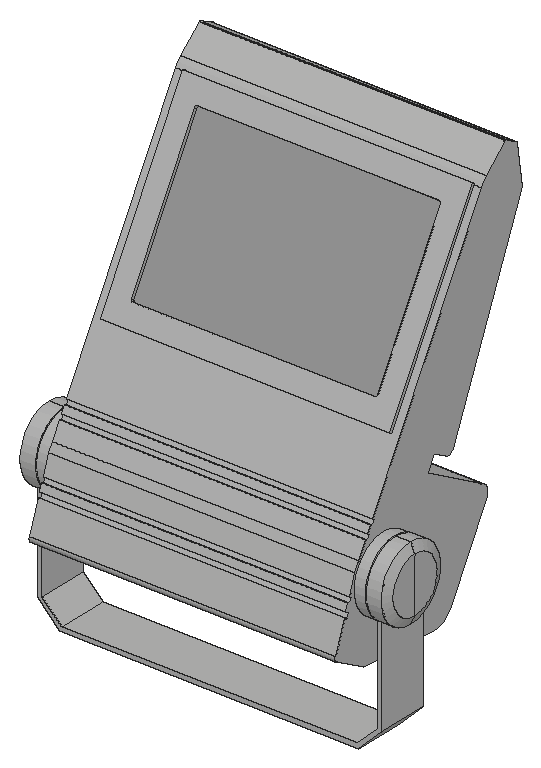
Revit family "0048016 Sylvania Lighting Fixture SYLVEO RGBW IP66", category Lighting Fixtures, host Face, Revit 2016
Family settings
  Host = Face
  Part Type = Normal
  Round Connector Dimension = Use Diameter
  OmniClass Number = 23.80.70.00
  OmniClass Title = Lighting
  Cut with Voids When Loaded = No
  Light Source = No
  Shared = No
  Room Calculation Point = No
Parameters (values of type "0048016 SYLVEO RGBW IP66 50W ASYM SIL")
  WidthCylinder_SYL = if([30/50W_SYL], 13.4 mm, if([100W_SYL], 13.4 mm, 15 mm))  # 13.4 mm
  WidthBracketIn_SYL = if([30/50W_SYL], 224 mm, if([100W_SYL], 273 mm, 490 mm))  # 224 mm
  Weight = "16.0 kg"
  Wattage Comments = ""
  WarrantyStartDate [instance] = "n/a"
  WarrantyGuarantorParts = "n/a"
  WarrantyDurationUnit = "n/a"
  WarrantyDurationParts = "n/a"
  WarrantyDescription = "n/a"
  Voltage = 0 V
  URL = "http://www.sylvania-lighting.com"
  TypeName = "Sylveo RGBW IP66 50W ASYM SIL"
  Type Image = <None>
  Type Comments = "n/a"
  ThicknessBracket_SYL = if([30/50W_SYL], 2.7 mm, if([100W_SYL], 3.2 mm, 3.8 mm))  # 2.7 mm
  SerialNumber [instance] = "n/a"
  RotationAngle_SYL [instance] = 30.00°
  DiameterCylinder_SYL = if([30/50W_SYL], 49 mm, if([100W_SYL], 52 mm, 62.7 mm))  # 49 mm
  ChamferBracket_SYL = if([30/50W_SYL], 15 mm, if([100W_SYL], 18 mm, 22 mm))  # 15 mm
  PowerFactor = 0
  PowerConsumption = "n/a"
  NominalLength = 0 mm
  NominalHeight = 0 mm
  NominalDepth = 0 mm
  Name = "Sylveo RGBW IP66 50W ASYM SIL"
  ModelReference = Name  # "Sylveo RGBW IP66 50W ASYM SIL"
  ModelNumber = "0048016"
  Model = Name  # "Sylveo RGBW IP66 50W ASYM SIL"
  Material = "n/a"
  ManufacturerName = "Feilo Sylvania"
  Manufacturer = "Feilo Sylvania"
  LuminousEfficacy = "50.169 lm/W"
  LuminaireType = ""
  LightOutputRatio = "n/a"
  LampsType = Lamp  # "LED"
  LampNominalLuminous = "n/a"
  LampMacAdamStep = "n/a"
  LampColourTemperature = "n/a"
  LampColourRenderingIndex = "n/a"
  Lamp = "LED"
  Keynote = "16500"
  InstallationDate [instance] = "n/a"
  InputVoltage = "100-240V~"
  InputNominalFrequency = "50/60 Hz"
  IngressProtection = "IP66"
  ImpactProtectionIndex = "IK08"
  IfcExportType = "IfcLightFixtureType"
  IfcExportAs = "IfcLightFixtureType"
  AxisHeightBracket_SYL = if([30/50W_SYL], 98.6 mm, if([100W_SYL], 90 mm, 110 mm))  # 98.6 mm
  ExpectedLife = 50000
  EndAngle_SYL [instance] = RotationAngle_SYL + 180.00°  # 210.00°
  ElectricShockClassification = "Class I"
  DurationUnit = "hours"
  DocumentationLiterature = "http://www.sylvania-lighting.com/product/en-int/products/0048016"
  DimmingControlOptions = "n/a"
  Description = ""
  DepthBracket_SYL = if([30/50W_SYL], 34 mm, if([100W_SYL], 37.1 mm, 48 mm))  # 34 mm
  Default Elevation = 1219.2 mm
  CreatedOn = "12/21/2018"
  CreatedBy = "@sylvania-lighting.com"
  Cost = 0
  built-in parameter 1114216 [instance] = (empty or 0)
  ClassificationValue = "EF_70_80"
  ClassificationName = "Uniclass2015"
  Material_1_SYL = Body-Sylvania-Sylveo-RAL9006
  BarCode [instance] = "n/a"
  AssetType = "Fixed"
  AssetIdentifier [instance] = "n/a"
  Assembly Code = "D5020200"
  Apparent Load = 49.6 VA
  100W_SYL = no
  30/50W_SYL = yes
Reference planes
  plane 1 "Center (Front/Back)": y = 0
  plane 2: z = 0
  plane 3 "Center (Left/Right)": x = 0
  plane 4: x = -114.7
  plane 5: x = 114.7
  plane 6: z = 98.6
  plane 7: x = -112
  plane 8: x = 112
  plane 9: z = 2.7
  plane 10: y = 17
  plane 11: y = -17
  plane 12: x = -99.7
  plane 13: z = 15
  plane 14: x = 99.7
  plane 15: x = -110
  plane 16: x = 110
  plane 17: x = -123.4
  plane 18: x = 123.4
  plane 19: z = 123.1
  plane 20: z = 74.1
  plane 21: x = -120.4
  plane 22: z = 80.1
  plane 23: z = 117.1
  plane 24: x = 120.4
Forms (mm)
  Revolve 1, solid, not visible
    sketch origin (0, 0, 0) x (1, 0, 0) y (0, 0, 1)
      loop
        line (0, 98.6) -> (0, 115.6) -> (-12.336, 115.6) -> (-12.336, 98.6) -> (0, 98.6)
      axis (0, 98.6) -> (-12.336, 98.6)
    angle from 30 <- "RotationAngle_SYL" to 210 <- "EndAngle_SYL"
  Extrusion 2, solid, material "Body-Sylvania-Sylveo-RAL9006" <- "Material_1_SYL"
    sketch origin (0, 0, 0) x (1, 0, 0) y (0, 0, 1)
      loop
        line (-114.7, 98.6) -> (-114.7, 15) -> (-99.7, 0) -> (99.7, 0) -> (114.7, 15) -> (114.7, 98.6) -> (112, 98.6) -> (112, 16.118) -> (98.582, 2.7) -> (-98.582, 2.7) -> (-112, 16.118) -> (-112, 98.6) -> (-114.7, 98.6)
    from -17 to 17
  Revolve 3, solid, material "Body-Sylvania-Sylveo-RAL9006" <- "Material_1_SYL"
    sketch origin (0, 0, 0) x (1, 0, 0) y (0, 0, 1)
      loop
        line (-123.4, 98.6) -> (-110, 98.6) -> (-110, 123.1) -> (-120.4, 123.1) -> (-123.4, 117.1) -> (-123.4, 98.6)
      loop
        line (123.4, 98.6) -> (123.4, 117.1) -> (120.4, 123.1) -> (110, 123.1) -> (110, 98.6) -> (123.4, 98.6)
      axis (123.4, 98.6) -> (-123.4, 98.6)
    angle from 360 to 0
Lines and regions (mm)
  reference lines
    curve 1: line (-99.7, 0, 0) -> (-114.7, 0, 15)
    curve 2: line (-112, 0, 16.118) -> (-98.582, 0, 2.7)
    curve 3: line (114.7, 0, 15) -> (99.7, 0, 0)
    curve 4: line (98.582, 0, 2.7) -> (112, 0, 16.118)
Dimensions and locks
  equal spacing: plane 8, plane 3 "Center (Left/Right)", plane 7
  "WidthBracketIn_SYL": plane 8 to plane 7
  "ThicknessBracket_SYL": plane 7 to plane 4
  "ThicknessBracket_SYL": plane 5 to plane 8
  "ThicknessBracket_SYL": plane 9 to plane 2
  equal spacing: plane 11, plane 1 "Center (Front/Back)", plane 10
  "DepthBracket_SYL": plane 11 to plane 10
  "AxisHeightBracket_SYL": plane 6 to plane 2
  "ChamferBracket_SYL": plane 13 to plane 2
  equal spacing: plane 14, plane 3 "Center (Left/Right)", plane 12
  "ChamferBracket_SYL": plane 12 to plane 4
  "ThicknessBracket_SYL": curve 2 to curve 1
  "ThicknessBracket_SYL": curve 4 to curve 3
  equal spacing: plane 16, plane 3 "Center (Left/Right)", plane 15
  locked: plane 15 to plane 7 at 2
  equal spacing: plane 18, plane 3 "Center (Left/Right)", plane 17
  "WidthCylinder_SYL": plane 15 to plane 17
  equal spacing: plane 19, plane 6, plane 20
  "DiameterCylinder_SYL": plane 19 to plane 20
  equal spacing: plane 23, plane 6, plane 22
  locked: plane 22 to plane 20 at 6
  equal spacing: plane 24, plane 3 "Center (Left/Right)", plane 21
  locked: plane 21 to plane 17 at 3
  aligned and locked: plane 2 to host face
  aligned and locked: level to host face
  aligned and locked: Revolve 1 sketch curve to plane 6  (x2)
  aligned and locked: Revolve 1 sketch curve to plane 3 "Center (Left/Right)"
  aligned and locked: plane 13 to curve 1
  aligned and locked: plane 4 to curve 1
  aligned and locked: plane 2 to curve 1
  aligned and locked: plane 7 to curve 2
  aligned and locked: plane 9 to curve 2
  aligned and locked: plane 5 to curve 3
  aligned and locked: plane 13 to curve 3
  aligned and locked: plane 14 to curve 3
  aligned and locked: plane 2 to curve 3
  aligned and locked: plane 8 to curve 4
  aligned and locked: plane 9 to curve 4
  aligned and locked: plane 4 to Extrusion 2 sketch curve
  aligned and locked: Extrusion 2 sketch curve to plane 7
  aligned and locked: plane 6 to Extrusion 2 sketch curve  (x2)
  aligned and locked: plane 13 to Extrusion 2 sketch curve
  aligned and locked: plane 9 to Extrusion 2 sketch curve
  aligned and locked: plane 2 to Extrusion 2 sketch curve
  aligned and locked: plane 12 to Extrusion 2 sketch curve
  aligned and locked: Extrusion 2 sketch curve to curve 1
  aligned and locked: Extrusion 2 sketch curve to curve 3
  aligned and locked: plane 5 to Extrusion 2 sketch curve
  aligned and locked: plane 14 to Extrusion 2 sketch curve
  aligned and locked: Extrusion 2 sketch curve to plane 5
  aligned and locked: plane 8 to Extrusion 2 sketch curve
  aligned and locked: Extrusion 2 to plane 10
  aligned and locked: plane 11 to Extrusion 2
  aligned and locked: Revolve 3 sketch curve to plane 6  (x2)
  aligned and locked: plane 17 to Revolve 3 sketch curve  (x2)
  aligned and locked: plane 19 to Revolve 3 sketch curve  (x2)
  aligned and locked: Revolve 3 sketch curve to plane 15
  aligned and locked: plane 23 to Revolve 3 sketch curve  (x2)
  aligned and locked: plane 21 to Revolve 3 sketch curve
  aligned and locked: Revolve 3 sketch curve to plane 16
  aligned and locked: plane 18 to Revolve 3 sketch curve
  aligned and locked: plane 24 to Revolve 3 sketch curve
  aligned and locked: plane 6 to Revolve 3 sketch curve  (x2)
Automatic sketch dimensions
  host sketch curve to host sketch curve = 2438.4 mm  (x2)
  Revolve 1 sketch curve to plane 3 "Center (Left/Right)" = 12.336 mm
  Revolve 1 sketch curve to plane 4 = 1122.5 mm
  plane 5 to Revolve 1 sketch curve = 1130.9 mm
  Revolve 1 sketch curve to Revolve 1 sketch curve = 17 mm
  curve 1 to plane 12 = 0 mm
  plane 12 to Extrusion 2 sketch curve = 1.118 mm
  Extrusion 2 sketch curve to plane 14 = 1.118 mm
  Extrusion 2 sketch curve to plane 13 = 1.118 mm  (x2)
  Revolve 3 sketch curve to Revolve 3 sketch curve = 957 mm
  plane 18 to Revolve 3 sketch curve = 965.4 mm
Nested families
  nested 1: "0048016 Head" at (0, 0, 98.6) x (1, 0, 0) z (0, -0.866, 0.5), type "Type Name"
    with built-in parameter 1114216 (empty or 0)
Connectors
  electrical at (0, 0, 0), driven by "Apparent Load", driven by "PowerFactor", driven by "Voltage"
    settings: index 1, voltage 0 V, apparent load 49.6 VA, apparent load phase1 0 VA, apparent load phase2 0 VA, apparent load phase3 0 VA, power factor 0, load classification "Lighting", number of poles 1, system type 30, power factor state 1, is connector primary yes, connector utility no, sub classification motor no, connector description ""
Definition of nested family "0048016 Head"
  Parameters (values of type "Type Name")
    Wattage Comments = "n/a"
    Wattage = 49.6 W
    built-in parameter 1150110 = 1 (stored number, unit not read)
    URL = "http://www.sylvania-lighting.com"
    Type Image = (empty or 0)
    Type Comments = "n/a"
    built-in parameter 1114217 = 1 (stored number, unit not read)
    Tilt Angle = -90.00°
    built-in parameter 1150109 = 1 (stored number, unit not read)
    built-in parameter 1150134 = 12
    built-in parameter 1150113 = 1 (stored number, unit not read)
    Photometric Web File = "0048016.ies"
    Material_3_SYL = none
    Model = ""
    Manufacturer = "Feilo Sylvania"
    built-in parameter 1150105 = 1658.5 (stored number, unit not read)
    Lumens = 2488.43 lm
    built-in parameter 1150115 = 1 (stored number, unit not read)
    built-in parameter 1150137 = (empty or 0)
    built-in parameter 1150139 = (empty or 0)
    built-in parameter 1150112 = 1 (stored number, unit not read)
    built-in parameter 1150114 = 1 (stored number, unit not read)
    Lamp = "LED"
    Keynote = "16500"
    Material_2_SYL = none
    built-in parameter 1150132 = (empty or 0)
    built-in parameter 1150102 = (empty or 0)
    built-in parameter 1150107 = 4000 (stored number, unit not read)
    built-in parameter 1150138 = (empty or 0)
    built-in parameter 1150106 = 16.585 (stored number, unit not read)
    Emit from Rectangle Width = 164 mm
    Emit from Rectangle Length = 108.3 mm
    Emit Shape Visible in Rendering = no
    built-in parameter 1150104 = 4.6609 (stored number, unit not read)
    Dimming Lamp Color Temperature Shift = (empty or 0)
    Description = ""
    Default Elevation = 1219.2 mm
    Cost = 0
    Color Filter = 16777215
    built-in parameter 1114216 [instance] = (empty or 0)
    Material_1_SYL = none
    built-in parameter 1114218 = 1 (stored number, unit not read)
    built-in parameter 1150133 = 10 (stored number, unit not read)
    Assembly Code = "D5020200"
    Apparent Load = 49.6 VA
    Material_4_SYL = none
  Reference planes
    plane 1 "Center (Front/Back)": y = 0
    plane 2: z = 0
    plane 3 "Center (Left/Right)": x = 0
    plane 4: z = 25.6
    plane 5: y = -51.1
    plane 6: y = 235.9
    plane 7: y = -24.3
    plane 8: y = -11.4
    plane 9: y = 55.8
    plane 10: y = 66.5
    plane 11: z = -71.6
    plane 12: z = -65.1
    plane 13: z = -26.7
    plane 14: z = -10.9
    plane 15: y = 212.3
    plane 16: z = 17.4
    plane 17: z = 7.4
    plane 18: x = 102
    plane 19: x = -102
    plane 20: y = 15.2
    plane 21: y = 23.5
    plane 22: y = -16
    plane 23: x = -96.5
    plane 24: x = 96.5
    plane 25: y = 72
    plane 26: x = -82
    plane 27: x = 82
    plane 28: y = 86.5
    plane 29: z = 26.9
    plane 30: y = 209.3
    plane 31: y = 194.8
    plane 32: z = 24.1
    plane 33: x = -110
    plane 34: x = 110
    plane 35: y = 140.65
  Forms (mm)
    Extrusion 1, solid
      sketch origin (4.2, 0, 0) x (1, 0, 0) y (0, 1, 0)
        loop
          line (-1219.2, 1219.2) -> (-1219.2, -1219.2) -> (1219.2, -1219.2) -> (1219.2, 1219.2) -> (-1219.2, 1219.2)
      from 0 to -68.017
    Extrusion 2, solid, material <- "Material_1_SYL"
      sketch origin (0, 0, 0) x (0, 1, 0) y (0, 0, 1)
        loop
          line (208.924, 25.6) -> (3.189, 25.6)
          arc (3.189, 25.6) -> (0.01, 25.473) -> (-3.149, 25.095) r 40
          line (-3.149, 25.095) -> (-48.575, 17.805)
          arc (-48.575, 17.805) -> (-50.383, 16.789) -> (-51.1, 14.843) r 3
          line (-51.1, 14.843) -> (-51.1, -10.9) -> (-25.149, -63.383)
          arc (-25.149, -63.383) -> (-19.485, -69.517) -> (-11.4, -71.6) r 14.774
          line (-11.4, -71.6) -> (47.8, -71.6)
          arc (47.8, -71.6) -> (53.457, -69.257) -> (55.8, -63.6) r 8
          line (55.8, -63.6) -> (55.8, -10.9) -> (66.5, -10.9) -> (66.5, -22.243)
          arc (66.5, -22.243) -> (67.828, -25.22) -> (70.931, -26.22) r 4
          line (70.931, -26.22) -> (210.893, -11.052)
          arc (210.893, -11.052) -> (212.226, -10.718) -> (213.418, -10.033) r 5
          line (213.418, -10.033) -> (235.513, 7.1)
          arc (235.513, 7.1) -> (235.798, 7.45) -> (235.9, 7.89) r 1
          line (235.9, 7.89) -> (235.9, 16.689)
          arc (235.9, 16.689) -> (235.715, 17.268) -> (235.228, 17.633) r 1
          line (235.228, 17.633) -> (215.489, 24.492)
          arc (215.489, 24.492) -> (212.253, 25.321) -> (208.924, 25.6) r 20
      from -102 to 102
    Extrusion 3, void
      sketch origin (0, 0, 0) x (0, 1, 0) y (0, 0, 1)
        loop
          line (26.7, 23.4) -> (26.7, 25.6) -> (23.5, 25.6) -> (23.5, 23.4) -> (26.7, 23.4)
        loop
          line (18.4, 25.6) -> (15.2, 25.6) -> (15.2, 23.4) -> (18.4, 23.4) -> (18.4, 25.6)
        loop
          line (-16, 20.6) -> (-16, 25.6) -> (-19.2, 25.6) -> (-19.2, 20.6) -> (-16, 20.6)
        loop
          line (-27.5, 25.6) -> (-27.5, 18.9) -> (-24.3, 18.9) -> (-24.3, 25.6) -> (-27.5, 25.6)
      from -102 to 102
    Extrusion 4, solid, material <- "Material_1_SYL"
      sketch origin (0, 1219.2, 25.6) x (1, 0, 0) y (0, -1, 0)
        loop
          line (-96.5, 1009.9) -> (96.5, 1009.9) -> (96.5, 1147.2) -> (-96.5, 1147.2) -> (-96.5, 1009.9)
      from 0 to -1.3
    Extrusion 5, void
      sketch origin (0, 1219.2, 26.9) x (0, -1, 0) y (1, 0, 0)
        loop
          arc (1024.4, -80.4) -> (1024.869, -81.531) -> (1026, -82) r 1.6
          line (1026, -82) -> (1131.1, -82)
          arc (1131.1, -82) -> (1132.231, -81.531) -> (1132.7, -80.4) r 1.6
          line (1132.7, -80.4) -> (1132.7, 80.4)
          arc (1132.7, 80.4) -> (1132.231, 81.531) -> (1131.1, 82) r 1.6
          line (1131.1, 82) -> (1026, 82)
          arc (1026, 82) -> (1024.869, 81.531) -> (1024.4, 80.4) r 1.6
          line (1024.4, 80.4) -> (1024.4, -80.4)
      from 0 to -9.5
    Extrusion 6, solid, material <- "Material_2_SYL"
      sketch origin (0, 1219.2, 25.6) x (1, 0, 0) y (0, -1, 0)
        loop
          line (-82, 1131.1) -> (-82, 1026)
          arc (-82, 1026) -> (-81.531, 1024.869) -> (-80.4, 1024.4) r 1.6
          line (-80.4, 1024.4) -> (80.4, 1024.4)
          arc (80.4, 1024.4) -> (81.531, 1024.869) -> (82, 1026) r 1.6
          line (82, 1026) -> (82, 1131.1)
          arc (82, 1131.1) -> (81.531, 1132.231) -> (80.4, 1132.7) r 1.6
          line (80.4, 1132.7) -> (-80.4, 1132.7)
          arc (-80.4, 1132.7) -> (-81.531, 1132.231) -> (-82, 1131.1) r 1.6
      from 0 to 1.5
    Extrusion 7, solid, material <- "Material_1_SYL"
      sketch origin (0, 0, 0) x (0, 1, 0) y (0, 0, 1)
        loop
          circle (0, 0) r 24.5
      from -110 to 110
  Cuts and joins
    Extrusion 3, Extrusion 5 cuts Extrusion 2
    joined: Extrusion 2, Extrusion 7
    Extrusion 5 cuts Extrusion 4
  Lines and regions (mm)
    reference lines
      curve 1: line (0, 23.5, 25.6) -> (0, 26.7, 25.6)
      curve 2: line (0, 23.5, 23.4) -> (0, 23.5, 25.6)
      curve 3: line (0, 26.7, 23.4) -> (0, 23.5, 23.4)
      curve 4: line (0, 26.7, 25.6) -> (0, 26.7, 23.4)
      curve 5: line (0, 15.2, 25.6) -> (0, 18.4, 25.6)
      curve 6: line (0, 15.2, 23.4) -> (0, 15.2, 25.6)
      curve 7: line (0, 18.4, 23.4) -> (0, 15.2, 23.4)
      curve 8: line (0, 18.4, 25.6) -> (0, 18.4, 23.4)
      curve 9: line (0, -19.2, 25.6) -> (0, -16, 25.6)
      curve 10: line (0, -19.2, 20.6) -> (0, -19.2, 25.6)
      curve 11: line (0, -16, 20.6) -> (0, -19.2, 20.6)
      curve 12: line (0, -16, 25.6) -> (0, -16, 20.6)
      curve 13: line (0, -27.5, 25.6) -> (0, -24.3, 25.6)
      curve 14: line (0, -27.5, 18.9) -> (0, -27.5, 25.6)
      curve 15: line (0, -24.3, 18.9) -> (0, -27.5, 18.9)
      curve 16: line (0, -24.3, 25.6) -> (0, -24.3, 18.9)
      curve 17: circle (0, 0, 0) r 24.5 normal (1, 0, 0)
  Dimensions and locks
    equal spacing: plane 19, plane 3 "Center (Left/Right)", plane 18
    plane 19 to plane 18 = 204 mm
    locked: curve 1 to curve 3 at 2.2
    locked: curve 4 to curve 2 at 3.2
    locked: curve 5 to curve 7 at 2.2
    locked: curve 8 to curve 6 at 3.2
    locked: curve 12 to curve 10 at 3.2
    locked: curve 16 to curve 14 at 3.2
    locked: curve 11 to curve 9 at 5
    locked: curve 15 to curve 13 at 6.7
    equal spacing: plane 23, plane 3 "Center (Left/Right)", plane 24
    locked: plane 23 to plane 24 at 193
    locked: plane 25 to plane 30 at 137.3
    locked: plane 25 to plane 28 at 14.5
    locked: plane 31 to plane 30 at 14.5
    equal spacing: plane 26, plane 3 "Center (Left/Right)", plane 27
    locked: plane 23 to plane 26 at 14.5
    equal spacing: plane 33, plane 3 "Center (Left/Right)", plane 34
    locked: plane 33 to plane 19 at 8
    equal spacing: plane 28, plane 35, plane 31
    radius of Extrusion 2 sketch curve = 20 mm
    radius of Extrusion 2 sketch curve = 14.774 mm
    radius of Extrusion 2 sketch curve = 8 mm
    radius of Extrusion 2 sketch curve = 4 mm
    radius of Extrusion 2 sketch curve = 5 mm
    radius of Extrusion 2 sketch curve = 3 mm
    radius of Extrusion 5 sketch curve = 1.6 mm  (x4)
    radius of curve 17 = 24.5 mm
    aligned and locked: plane 2 to Extrusion 1
    aligned and locked: level to Extrusion 1
    aligned and locked: plane 18 to Extrusion 2
    aligned and locked: Extrusion 2 to plane 19
    aligned and locked: plane 4 to curve 5
    aligned and locked: plane 20 to curve 6
    aligned and locked: plane 21 to curve 2
    aligned and locked: plane 4 to curve 1
    aligned and locked: plane 4 to curve 9
    aligned and locked: plane 22 to curve 12
    aligned and locked: plane 7 to curve 16
    aligned and locked: Extrusion 3 sketch curve to curve 3
    aligned and locked: Extrusion 3 sketch curve to curve 2
    aligned and locked: Extrusion 3 sketch curve to curve 1
    aligned and locked: Extrusion 3 sketch curve to curve 4
    aligned and locked: Extrusion 3 sketch curve to curve 8
    aligned and locked: Extrusion 3 sketch curve to curve 7
    aligned and locked: Extrusion 3 sketch curve to curve 6
    aligned and locked: Extrusion 3 sketch curve to curve 5
    aligned and locked: Extrusion 3 sketch curve to curve 11
    aligned and locked: Extrusion 3 sketch curve to curve 10
    aligned and locked: Extrusion 3 sketch curve to curve 9
    aligned and locked: Extrusion 3 sketch curve to curve 12
    aligned and locked: Extrusion 3 sketch curve to curve 13
    aligned and locked: Extrusion 3 sketch curve to curve 16
    aligned and locked: Extrusion 3 sketch curve to curve 15
    aligned and locked: Extrusion 3 sketch curve to curve 14
    aligned and locked: Extrusion 2 to Extrusion 3  (x2)
    aligned and locked: Extrusion 4 sketch curve to plane 30
    aligned and locked: Extrusion 4 sketch curve to plane 23
    aligned and locked: plane 24 to Extrusion 4 sketch curve  (x2)
    aligned and locked: Extrusion 4 to plane 29
    aligned and locked: plane 4 to Extrusion 4
    aligned and locked: plane 31 to Extrusion 5 sketch curve
    aligned and locked: plane 26 to Extrusion 5 sketch curve
    aligned and locked: Extrusion 5 sketch curve to plane 28
    aligned and locked: Extrusion 5 sketch curve to plane 27
    aligned and locked: plane 16 to Extrusion 5
    aligned and locked: plane 25 to Extrusion 4 sketch curve  (x2)
    aligned and locked: Extrusion 6 sketch curve to cut or joined group of Extrusion 4, Extrusion 5  (x4)
    aligned and locked: plane 32 to Extrusion 6
    aligned and locked: Extrusion 6 to plane 4
    aligned and locked: plane 1 "Center (Front/Back)" to curve 17
    aligned and locked: plane 2 to curve 17
    aligned and locked: Extrusion 7 sketch curve to curve 17
    aligned and locked: plane 34 to Extrusion 7
    aligned and locked: Extrusion 7 to plane 33
    aligned and locked: imposter light to plane 4
    aligned and locked: imposter light to plane 3 "Center (Left/Right)"
    aligned and locked: imposter light to plane 35
  Automatic sketch dimensions
    Extrusion 1 sketch curve to Extrusion 1 sketch curve = 2438.4 mm  (x2)
    plane 4 to curve 13 = 0 mm
    Extrusion 2 sketch curve to plane 5 = 0 mm
    Extrusion 2 sketch curve to plane 8 = 0 mm
    plane 4 to Extrusion 2 sketch curve = 0 mm
    plane 11 to Extrusion 2 sketch curve = 0 mm
    Extrusion 2 sketch curve to plane 9 = 0 mm
    Extrusion 2 sketch curve to plane 10 = 0 mm
    Extrusion 2 sketch curve to plane 6 = 0 mm
    plane 14 to Extrusion 2 sketch curve = 0 mm  (x2)
    Extrusion 2 sketch curve to plane 16 = 0.405 mm
    Extrusion 2 sketch curve to plane 5 = 2.525 mm
    plane 7 to Extrusion 2 sketch curve = 0.849 mm
    plane 8 to Extrusion 2 sketch curve = 0.506 mm
    plane 4 to Extrusion 2 sketch curve = 0.505 mm
    plane 1 "Center (Front/Back)" to Extrusion 2 sketch curve = 3.149 mm
    Extrusion 2 sketch curve to plane 1 "Center (Front/Back)" = 3.189 mm
    Extrusion 2 sketch curve to plane 13 = 0.48 mm
    plane 25 to Extrusion 2 sketch curve = 1.069 mm
    plane 30 to Extrusion 2 sketch curve = 0.376 mm
    Extrusion 2 sketch curve to plane 30 = 1.054 mm
    plane 14 to Extrusion 2 sketch curve = 0.152 mm
    plane 15 to Extrusion 2 sketch curve = 1.407 mm
    Extrusion 2 sketch curve to plane 14 = 0.867 mm
    Extrusion 2 sketch curve to plane 32 = 0.392 mm
    Extrusion 2 sketch curve to plane 17 = 0.49 mm
    Extrusion 2 sketch curve to Extrusion 2 sketch curve = 1 mm
    plane 6 to Extrusion 2 sketch curve = 1 mm
    Extrusion 2 sketch curve to plane 16 = 0.233 mm
    plane 6 to Extrusion 2 sketch curve = 0.672 mm
    plane 17 to Extrusion 2 sketch curve = 0.3 mm
    plane 31 to Extrusion 5 sketch curve = 0 mm
